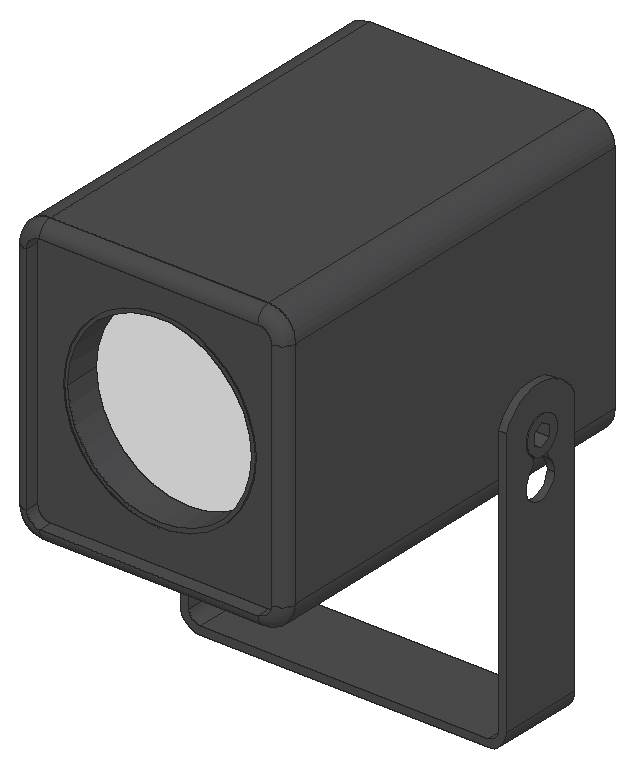
Revit family "Thorn Caelon S7i", category Lighting Fixtures, host Face, Revit 2023
Family settings
  Host = Face
  Round Connector Dimension = Use Diameter
  Part Type = Normal
  Cut with Voids When Loaded = No
  Light Source = No
  Maintain Annotation Orientation = No
  Shared = No
  Room Calculation Point = No
Parameters (values of type "CAELON S7I 700-827 F BK 66 HF")
  Wattage = 11.1 VA
  URL = "https://www.thornlighting.com/21035848"
  Type Light Source = Thorn-Light Sources-CAELON S7i : CAELON S7I 700-827 F BK 66 HF_photometric_data
  Type Image = TLG_CAEL_F_S7i_BK.jpg
  Type IFC Predefined Type = "DIRECTIONSOURCE"
  Type Housing White = Thorn-Parts-CAELON-Housing-S7i : White
  Type Housing Black = Thorn-Parts-CAELON-Housing-S7i : Black
  Type Housing = if(Housing Finish Black, Type Housing Black, if(Housing Finish White, Type Housing White, Type Housing Black))  # Thorn-Parts-CAELON-Housing-S7i : Black
  Type Bracket White = Thorn-Parts-CAELON-Bracket-S7x : White
  Type Bracket Black = Thorn-Parts-CAELON-Bracket-S7x : Black
  Type Bracket = if(Housing Finish Black, Type Bracket Black, if(Housing Finish White, Type Bracket White, Type Bracket Black))  # Thorn-Parts-CAELON-Bracket-S7x : Black
  Tilt Angle [instance] = 0.00°
  Power Factor = 1
  Optic = "Far"
  Model = "21035848"
  Luminaire Width = 86 mm  # constant formula
  Luminaire Length = 107.5 mm  # constant formula
  Luminaire Height = 127.02 mm  # constant formula
  Lamp = "LED"  # constant formula
  Housing Finish Black = yes
  Export Type to IFC As = "IfcLightFixtureType"
  Description = "Outdoor flood and spotlight luminaires"  # constant formula
  Assembly Code = "Pr_70_70_48_75"
  Apparent Load = 20 VA
  Angle real [instance] = Tilt Angle + 90.00°  # 90.00°
  Manufacturer = "Thorn Lighting"  # constant formula
  Housing Finish White = no
  Default Elevation = 0 mm  # constant formula
  Angle [instance] = if(Angle real < 60.00°, 60.00°, if(Angle real > 270.00°, 270.00°, Angle real))  # 90.00°
Types (24, lengths in mm): name | URL | Type Light Source | Type Image | Type Housing | Type Bracket | Optic | Model | Housing Finish Black | Housing Finish White
  CAELON S7I 700-827 F BK 66 HF | "https://www.thornlighting.com/21035848" | Thorn-Light Sources-CAELON S7i : CAELON S7I 700-827 F BK 66 HF_photometric_data | TLG_CAEL_F_S7i_BK.jpg | Thorn-Parts-CAELON-Housing-S7i : Black | Thorn-Parts-CAELON-Bracket-S7x : Black | "Far" | "21035848" | yes | no
  CAELON S7I 700-827 F WH 66 HF | "https://www.thornlighting.com/21035849" | Thorn-Light Sources-CAELON S7i : CAELON S7I 700-827 F WH 66 HF_photometric_data | TLG_CAEL_F_S7i_WH.jpg | Thorn-Parts-CAELON-Housing-S7i : White | Thorn-Parts-CAELON-Bracket-S7x : White | "Far" | "21035849" | no | yes
  CAELON S7I 700-827 M BK 66 HF | "https://www.thornlighting.com/21035846" | Thorn-Light Sources-CAELON S7i : CAELON S7I 700-827 M BK 66 HF_photometric_data | TLG_CAEL_F_S7i_BK.jpg | Thorn-Parts-CAELON-Housing-S7i : Black | Thorn-Parts-CAELON-Bracket-S7x : Black | "Medium" | "21035846" | yes | no
  CAELON S7I 700-827 M WH 66 HF | "https://www.thornlighting.com/21035847" | Thorn-Light Sources-CAELON S7i : CAELON S7I 700-827 M WH 66 HF_photometric_data | TLG_CAEL_F_S7i_WH.jpg | Thorn-Parts-CAELON-Housing-S7i : White | Thorn-Parts-CAELON-Bracket-S7x : White | "Medium" | "21035847" | no | yes
  CAELON S7I 700-827 N BK 66 HF | "https://www.thornlighting.com/21035844" | Thorn-Light Sources-CAELON S7i : CAELON S7I 700-827 N BK 66 HF_photometric_data | TLG_CAEL_F_S7i_BK.jpg | Thorn-Parts-CAELON-Housing-S7i : Black | Thorn-Parts-CAELON-Bracket-S7x : Black | "Narrow" | "21035844" | yes | no
  CAELON S7I 700-827 N WH 66 HF | "https://www.thornlighting.com/21035845" | Thorn-Light Sources-CAELON S7i : CAELON S7I 700-827 N WH 66 HF_photometric_data | TLG_CAEL_F_S7i_WH.jpg | Thorn-Parts-CAELON-Housing-S7i : White | Thorn-Parts-CAELON-Bracket-S7x : White | "Narrow" | "21035845" | no | yes
  CAELON S7I 700-827 SN BK 66 HF | "https://www.thornlighting.com/21035842" | Thorn-Light Sources-CAELON S7i : CAELON S7I 700-827 SN BK 66 HF_photometric_data | TLG_CAEL_F_S7i_BK.jpg | Thorn-Parts-CAELON-Housing-S7i : Black | Thorn-Parts-CAELON-Bracket-S7x : Black | "Super Narrow" | "21035842" | yes | no
  CAELON S7I 700-827 SN WH 66 HF | "https://www.thornlighting.com/21035843" | Thorn-Light Sources-CAELON S7i : CAELON S7I 700-827 SN WH 66 HF_photometric_data | TLG_CAEL_F_S7i_WH.jpg | Thorn-Parts-CAELON-Housing-S7i : White | Thorn-Parts-CAELON-Bracket-S7x : White | "Super Narrow" | "21035843" | no | yes
  CAELON S7I 700-830 F BK 66 HF | "https://www.thornlighting.com/21035856" | Thorn-Light Sources-CAELON S7i : CAELON S7I 700-830 F BK 66 HF_photometric_data | TLG_CAEL_F_S7i_BK.jpg | Thorn-Parts-CAELON-Housing-S7i : Black | Thorn-Parts-CAELON-Bracket-S7x : Black | "Far" | "21035856" | yes | no
  CAELON S7I 700-830 F WH 66 HF | "https://www.thornlighting.com/21035857" | Thorn-Light Sources-CAELON S7i : CAELON S7I 700-830 F WH 66 HF_photometric_data | TLG_CAEL_F_S7i_WH.jpg | Thorn-Parts-CAELON-Housing-S7i : White | Thorn-Parts-CAELON-Bracket-S7x : White | "Far" | "21035857" | no | yes
  CAELON S7I 700-830 M BK 66 HF | "https://www.thornlighting.com/21035854" | Thorn-Light Sources-CAELON S7i : CAELON S7I 700-830 M BK 66 HF_photometric_data | TLG_CAEL_F_S7i_BK.jpg | Thorn-Parts-CAELON-Housing-S7i : Black | Thorn-Parts-CAELON-Bracket-S7x : Black | "Medium" | "21035854" | yes | no
  CAELON S7I 700-830 M WH 66 HF | "https://www.thornlighting.com/21035855" | Thorn-Light Sources-CAELON S7i : CAELON S7I 700-830 M WH 66 HF_photometric_data | TLG_CAEL_F_S7i_WH.jpg | Thorn-Parts-CAELON-Housing-S7i : White | Thorn-Parts-CAELON-Bracket-S7x : White | "Medium" | "21035855" | no | yes
  CAELON S7I 700-830 N BK 66 HF | "https://www.thornlighting.com/21035852" | Thorn-Light Sources-CAELON S7i : CAELON S7I 700-830 N BK 66 HF_photometric_data | TLG_CAEL_F_S7i_BK.jpg | Thorn-Parts-CAELON-Housing-S7i : Black | Thorn-Parts-CAELON-Bracket-S7x : Black | "Narrow" | "21035852" | yes | no
  CAELON S7I 700-830 N WH 66 HF | "https://www.thornlighting.com/21035853" | Thorn-Light Sources-CAELON S7i : CAELON S7I 700-830 N WH 66 HF_photometric_data | TLG_CAEL_F_S7i_WH.jpg | Thorn-Parts-CAELON-Housing-S7i : White | Thorn-Parts-CAELON-Bracket-S7x : White | "Narrow" | "21035853" | no | yes
  CAELON S7I 700-830 SN BK 66 HF | "https://www.thornlighting.com/21035850" | Thorn-Light Sources-CAELON S7i : CAELON S7I 700-830 SN BK 66 HF_photometric_data | TLG_CAEL_F_S7i_BK.jpg | Thorn-Parts-CAELON-Housing-S7i : Black | Thorn-Parts-CAELON-Bracket-S7x : Black | "Super Narrow" | "21035850" | yes | no
  CAELON S7I 700-830 SN WH 66 HF | "https://www.thornlighting.com/21035851" | Thorn-Light Sources-CAELON S7i : CAELON S7I 700-830 SN WH 66 HF_photometric_data | TLG_CAEL_F_S7i_WH.jpg | Thorn-Parts-CAELON-Housing-S7i : White | Thorn-Parts-CAELON-Bracket-S7x : White | "Super Narrow" | "21035851" | no | yes
  CAELON S7I 700-840 F BK 66 HF | "https://www.thornlighting.com/21035864" | Thorn-Light Sources-CAELON S7i : CAELON S7I 700-840 F BK 66 HF_photometric_data | TLG_CAEL_F_S7i_BK.jpg | Thorn-Parts-CAELON-Housing-S7i : Black | Thorn-Parts-CAELON-Bracket-S7x : Black | "Far" | "21035864" | yes | no
  CAELON S7I 700-840 F WH 66 HF | "https://www.thornlighting.com/21035865" | Thorn-Light Sources-CAELON S7i : CAELON S7I 700-840 F WH 66 HF_photometric_data | TLG_CAEL_F_S7i_WH.jpg | Thorn-Parts-CAELON-Housing-S7i : White | Thorn-Parts-CAELON-Bracket-S7x : White | "Far" | "21035865" | no | yes
  CAELON S7I 700-840 M BK 66 HF | "https://www.thornlighting.com/21035862" | Thorn-Light Sources-CAELON S7i : CAELON S7I 700-840 M BK 66 HF_photometric_data | TLG_CAEL_F_S7i_BK.jpg | Thorn-Parts-CAELON-Housing-S7i : Black | Thorn-Parts-CAELON-Bracket-S7x : Black | "Medium" | "21035862" | yes | no
  CAELON S7I 700-840 M WH 66 HF | "https://www.thornlighting.com/21035863" | Thorn-Light Sources-CAELON S7i : CAELON S7I 700-840 M WH 66 HF_photometric_data | TLG_CAEL_F_S7i_WH.jpg | Thorn-Parts-CAELON-Housing-S7i : White | Thorn-Parts-CAELON-Bracket-S7x : White | "Medium" | "21035863" | no | yes
  CAELON S7I 700-840 N BK 66 HF | "https://www.thornlighting.com/21035860" | Thorn-Light Sources-CAELON S7i : CAELON S7I 700-840 N BK 66 HF_photometric_data | TLG_CAEL_F_S7i_BK.jpg | Thorn-Parts-CAELON-Housing-S7i : Black | Thorn-Parts-CAELON-Bracket-S7x : Black | "Narrow" | "21035860" | yes | no
  CAELON S7I 700-840 N WH 66 HF | "https://www.thornlighting.com/21035861" | Thorn-Light Sources-CAELON S7i : CAELON S7I 700-840 N WH 66 HF_photometric_data | TLG_CAEL_F_S7i_WH.jpg | Thorn-Parts-CAELON-Housing-S7i : White | Thorn-Parts-CAELON-Bracket-S7x : White | "Narrow" | "21035861" | no | yes
  CAELON S7I 700-840 SN BK 66 HF | "https://www.thornlighting.com/21035858" | Thorn-Light Sources-CAELON S7i : CAELON S7I 700-840 SN BK 66 HF_photometric_data | TLG_CAEL_F_S7i_BK.jpg | Thorn-Parts-CAELON-Housing-S7i : Black | Thorn-Parts-CAELON-Bracket-S7x : Black | "Super Narrow" | "21035858" | yes | no
  CAELON S7I 700-840 SN WH 66 HF | "https://www.thornlighting.com/21035859" | Thorn-Light Sources-CAELON S7i : CAELON S7I 700-840 SN WH 66 HF_photometric_data | TLG_CAEL_F_S7i_WH.jpg | Thorn-Parts-CAELON-Housing-S7i : White | Thorn-Parts-CAELON-Bracket-S7x : White | "Super Narrow" | "21035859" | no | yes
Reference planes
  plane 1 "Center (Front/Back)": y = 0
  plane 2: z = 0
  plane 3 "Center (Left/Right)": x = 0
  plane 4: x = 43
  plane 5: x = -43
  plane 6: y = 0
Lines and regions (mm)
  reference lines
    curve 1: line (0, 0, -54.956) -> (0, 0, 70.044)
    curve 2: line (0, 0, 70.044) -> (0, -600, 70.044)
  model lines, style "InvisibleLines"
    curve 3: line (-250, 0, 0) -> (250, 0, 0)
Dimensions and locks
  equal spacing: plane 5, plane 3 "Center (Left/Right)", plane 4
  "Luminaire Width": plane 5 to plane 4
  "Angle": angle plane 1 "Center (Front/Back)" to curve 2
  aligned and locked: plane 2 to host face
  aligned and locked: level to host face
  aligned and locked: plane 6 to curve 3
Automatic sketch dimensions
  host sketch curve to host sketch curve = 2438.4 mm  (x2)
  plane 5 to curve 3 = 207 mm
  curve 3 to plane 5 = 293 mm
  curve 1 to plane 1 "Center (Front/Back)" = 0 mm
  level to curve 2 = 70.044 mm
  curve 1 to level = 54.956 mm
Nested families
  nested 1: "Thorn-Parts-CAELON-Housing-S7i" at (0, -9, 42.016) x (0, 1, 0) z (0, 0, 1), type <- "Type Housing", type "Black"
  nested 2: "Thorn-Parts-CAELON-Bracket-S7x" at (0, -11, 0) x (0, 1, 0) z (0, 0, 1), type <- "Type Bracket", type "Black"
  nested 3: "Thorn-Light Sources-CAELON S7i" at (0, -62.72, 89.515) x (0, 0, -1) z (0, 1, 0), type <- "Type Light Source", type "CAELON S7I 700-827 F BK 66 HF_photometric_data"
Connectors
  electrical at (0, 0, 0), driven by "Apparent Load", driven by "Power Factor"
    settings: index 1, voltage 220 V, apparent load 20 VA, apparent load phase1 0 VA, apparent load phase2 0 VA, apparent load phase3 0 VA, power factor 1, load classification "Lighting", number of poles 1, system type 30, power factor state 1, is connector primary yes, connector utility no, sub classification motor no, connector description ""
Definition of nested family "Thorn-Parts-CAELON-Housing-S7i"
  Parameters (values of type "White")
    Material Housing Plastic = none
    Housing [instance] = yes
    Material Housing = none
    Manufacturer = "Thorn Lighting"  # constant formula
    Default Elevation = 1219.2 mm
    C = 75 mm  # constant formula
    B = 75 mm  # constant formula
    A = 111 mm  # constant formula
  Types (2): name
    White
    Black
  Reference planes
    plane 1 "Center (Front/Back)": y = 0
    plane 2: z = 0
    plane 3 "Center (Left/Right)": x = 0
    plane 4: x = -69
    plane 5: x = 42
    plane 6: z = 85
    plane 7: z = 10
    plane 8: y = 35.5
    plane 9: y = -35.5
    plane 10: x = -62
    plane 11: z = 12.5
    plane 12: y = 17.054
    plane 13: y = -17.054
    plane 14: x = 21
  Forms (mm)
    Extrusion 1, solid, material <- "Material Housing"
      sketch origin (0, 0, 0) x (0, 1, 0) y (0, 0, 1)
        loop
          line (28.5, 85) -> (-28.5, 85)
          arc (-28.5, 85) -> (-33.45, 82.95) -> (-35.5, 78) r 7
          line (-35.5, 78) -> (-35.5, 17)
          arc (-35.5, 17) -> (-33.45, 12.05) -> (-28.5, 10) r 7
          line (-28.5, 10) -> (28.5, 10)
          arc (28.5, 10) -> (33.45, 12.05) -> (35.5, 17) r 7
          line (35.5, 17) -> (35.5, 78)
          arc (35.5, 78) -> (33.45, 82.95) -> (28.5, 85) r 7
        loop
          line (34.1, 17) -> (34.1, 78)
          arc (34.1, 78) -> (32.46, 81.96) -> (28.5, 83.6) r 5.6
          line (28.5, 83.6) -> (-28.5, 83.6)
          arc (-28.5, 83.6) -> (-32.46, 81.96) -> (-34.1, 78) r 5.6
          line (-34.1, 78) -> (-34.1, 17)
          arc (-34.1, 17) -> (-32.46, 13.04) -> (-28.5, 11.4) r 5.6
          line (-28.5, 11.4) -> (28.5, 11.4)
          arc (28.5, 11.4) -> (32.46, 13.04) -> (34.1, 17) r 5.6
      from -62 to 42
    Sweep 2, solid, material <- "Material Housing"
      path origin (-62, -1524, 199.794) x (0, 0, 1) y (0, -1, 0)
        loop
          line (-114.794, -1552.5) -> (-114.794, -1495.5)
          arc (-114.794, -1495.5) -> (-116.844, -1490.55) -> (-121.794, -1488.5) r 7
          line (-121.794, -1488.5) -> (-182.794, -1488.5)
          arc (-182.794, -1488.5) -> (-187.744, -1490.55) -> (-189.794, -1495.5) r 7
          line (-189.794, -1495.5) -> (-189.794, -1552.5)
          arc (-189.794, -1552.5) -> (-187.744, -1557.45) -> (-182.794, -1559.5) r 7
          line (-182.794, -1559.5) -> (-121.794, -1559.5)
          arc (-121.794, -1559.5) -> (-116.844, -1557.45) -> (-114.794, -1552.5) r 7
      profile origin (-62, 0, 85) x (0, 0, -1) y (1, 0, 0)
        loop
          line (3.5, 0) -> (0, 0)
          arc (0, 0) -> (1.025, -2.475) -> (3.5, -3.5) r 3.5
          line (3.5, -3.5) -> (3.5, 0)
    Extrusion 3, solid, material <- "Material Housing"
      sketch origin (42, 889.358, 1200) x (0, 1, 0) y (0, 0, -1)
        loop
          arc (-855.258, 1183) -> (-856.899, 1186.96) -> (-860.858, 1188.6) r 5.6
          line (-860.858, 1188.6) -> (-917.858, 1188.6)
          arc (-917.858, 1188.6) -> (-921.818, 1186.96) -> (-923.458, 1183) r 5.6
          line (-923.458, 1183) -> (-923.458, 1122)
          arc (-923.458, 1122) -> (-921.818, 1118.04) -> (-917.858, 1116.4) r 5.6
          line (-917.858, 1116.4) -> (-860.858, 1116.4)
          arc (-860.858, 1116.4) -> (-856.899, 1118.04) -> (-855.258, 1122) r 5.6
          line (-855.258, 1122) -> (-855.258, 1183)
      from 0 to 4
    Extrusion 4, solid
      sketch origin (-69, 889.358, 1234.999) x (0, 1, 0) y (0, 0, 1)
        loop
          circle (-889.358, -1187.5) r 25
        loop
          circle (-889.358, -1187.5) r 24
      from 7 to 16.28
    Extrusion 5, solid
      sketch origin (-144.72, 889.358, 1234.999) x (0, 1, 0) y (0, 0, 1)
        loop
          circle (-889.358, -1187.5) r 24
      from 92 to 101.28
    Extrusion 6, void
      sketch origin (0, 899.918, 10) x (-1, 0, 0) y (0, -1, 0)
        loop
          line (-16.235, 924.018) -> (-37.842, 924.018) -> (-37.842, 875.818) -> (-16.235, 875.818) -> (-16.235, 899.918) -> (-16.235, 924.018)
      from 10 to -5.206
    Extrusion 7, solid, material <- "Material Housing"
      sketch origin (0, 899.918, 10) x (-1, 0, 0) y (0, -1, 0)
        loop
          line (2, 899.918) -> (2, 931.918) -> (-38, 931.918) -> (-38, 867.918) -> (2, 867.918) -> (2, 899.918)
      from -12 to -6
    Extrusion 8, solid
      sketch origin (-69, 926.358, 1260) x (0, 1, 0) y (0, 0, 1)
        loop
          circle (-926.358, -1212.501) r 25
        loop
          arc (-954.858, -1178.5) -> (-957.333, -1179.525) -> (-958.358, -1182) r 3.5
          line (-958.358, -1182) -> (-958.358, -1243)
          arc (-958.358, -1243) -> (-957.333, -1245.475) -> (-954.858, -1246.5) r 3.5
          line (-954.858, -1246.5) -> (-897.858, -1246.5)
          arc (-897.858, -1246.5) -> (-895.384, -1245.475) -> (-894.358, -1243) r 3.5
          line (-894.358, -1243) -> (-894.358, -1182)
          arc (-894.358, -1182) -> (-895.384, -1179.525) -> (-897.858, -1178.5) r 3.5
          line (-897.858, -1178.5) -> (-954.858, -1178.5)
      from 7 to 10.243
    Extrusion 9, solid, material <- "Material Housing"
      sketch origin (0, 0, 0) x (1, 0, 0) y (0, 1, 0)
        loop
          line (37.842, -24.1) -> (16.235, -24.1) -> (16.235, 24.1) -> (37.842, 24.1) -> (37.842, 26.6) -> (13.735, 26.6) -> (13.735, -26.6) -> (37.842, -26.6) -> (37.842, -24.1)
      from 11.4 to 16
    Revolve 10, solid, material <- "Material Housing Plastic"
      sketch origin (27.118, -1457.896, 41.972) x (0, 0, 1) y (0, -1, 0)
        loop
          line (-38.322, -1467.446) -> (-38.322, -1463.446)
          arc (-38.322, -1463.446) -> (-41.15, -1464.617) -> (-42.322, -1467.446) r 4
          line (-42.322, -1467.446) -> (-38.322, -1467.446)
        loop
          line (-28.972, -1469.946) -> (-28.972, -1464.946) -> (-34.322, -1464.946) -> (-34.322, -1469.946) -> (-28.972, -1469.946)
        axis (-28.972, -1469.946) -> (-42.322, -1469.946)
      angle from 0 to 360
    Extrusion 11, solid, material <- "Material Housing Plastic"
      sketch origin (6.118, 66.104, 70.65) x (1, 0, 0) y (0, 1, 0)
        loop
          line (17.536, -48.054) -> (14.072, -54.054) -> (17.536, -60.054) -> (24.464, -60.054) -> (27.928, -54.054) -> (24.464, -48.054) -> (17.536, -48.054)
      from -67 to -63
    Extrusion 12, solid, material <- "Material Housing Plastic"
      sketch origin (6.118, 66.104, 77.5) x (1, 0, 0) y (0, 1, 0)
        loop
          line (17.536, -48.054) -> (14.072, -54.054) -> (17.536, -60.054) -> (24.464, -60.054) -> (27.928, -54.054) -> (24.464, -48.054) -> (17.536, -48.054)
      from -64.5 to -61.5
    Revolve 13, solid, material <- "Material Housing Plastic"
      sketch origin (27.118, -1481.996, 41.972) x (0, 0, 1) y (0, -1, 0)
        loop
          line (-28.972, -1469.946) -> (-28.972, -1464.946) -> (-34.322, -1464.946) -> (-34.322, -1469.946) -> (-28.972, -1469.946)
        axis (-28.972, -1469.946) -> (-34.322, -1469.946)
      angle from 0 to 360
    Extrusion 14, solid, material <- "Material Housing Plastic"
      sketch origin (6.118, 42.004, 70.65) x (1, 0, 0) y (0, 1, 0)
        loop
          line (17.536, -48.054) -> (14.072, -54.054) -> (17.536, -60.054) -> (24.464, -60.054) -> (27.928, -54.054) -> (24.464, -48.054) -> (17.536, -48.054)
      from -67 to -63
    Extrusion 15, solid, material <- "Material Housing Plastic"
      sketch origin (6.118, 42.004, 77.5) x (1, 0, 0) y (0, 1, 0)
        loop
          line (17.536, -48.054) -> (14.072, -54.054) -> (17.536, -60.054) -> (24.464, -60.054) -> (27.928, -54.054) -> (24.464, -48.054) -> (17.536, -48.054)
      from -64.5 to -61.5
    Extrusion 16, solid, material <- "Material Housing"
      sketch origin (-18, 0, 0) x (1, 0, 0) y (0, 0, 1)
        loop
          circle (27, 28.03) r 4.83
        loop
          line (27, 31.03) -> (24.402, 29.53) -> (24.402, 26.53) -> (27, 25.03) -> (29.598, 26.53) -> (29.598, 29.53) -> (27, 31.03)
      from -43 to 43
    Extrusion 17, void
      sketch origin (-18, 0, 0) x (1, 0, 0) y (0, 0, 1)
        loop
          circle (27, 28.03) r 4.83
        loop
          line (27, 31.03) -> (24.402, 29.53) -> (24.402, 26.53) -> (27, 25.03) -> (29.598, 26.53) -> (29.598, 29.53) -> (27, 31.03)
      from -45 to 45
  Cuts and joins
    Extrusion 6, Extrusion 17 cuts Extrusion 1
    Extrusion 6 cuts Extrusion 7
  Lines and regions (mm)
    model lines
      curve 1: line (-52.72, -10, 47.499) -> (-52.72, 10, 47.499)
      curve 2: line (-52.72, 0, 57.499) -> (-52.72, 0, 37.499)
  Dimensions and locks
    "A": plane 4 to plane 5
    locked: plane 5 to plane 3 "Center (Left/Right)" at 42
    "C": plane 7 to plane 6
    locked: plane 10 to plane 4 at 7
    plane 11 to level = 12.5 mm
    plane 5 to plane 14 = 21 mm
    cut or joined group of Extrusion 1, Extrusion 6, Extrusion 17 to plane 1 "Center (Front/Back)" = 24.1 mm
    cut or joined group of Extrusion 1, Extrusion 6, Extrusion 17 to cut or joined group of Extrusion 1, Extrusion 6, Extrusion 17 = 48.2 mm
    aligned and locked: level to plane 2
    aligned and locked: plane 6 to Extrusion 1 sketch curve
    aligned and locked: plane 7 to Extrusion 1 sketch curve
    aligned and locked: Extrusion 1 sketch curve to plane 8
    aligned and locked: plane 9 to Extrusion 1 sketch curve
    aligned and locked: Extrusion 1 to plane 10
    aligned and locked: cut or joined group of Extrusion 6, Extrusion 7 to Extrusion 9
  Automatic sketch dimensions
    Extrusion 1 sketch curve to Extrusion 1 sketch curve = 0 mm  (x8)
    Extrusion 1 sketch curve to Extrusion 1 sketch curve = 1.4 mm
    plane 9 to Extrusion 1 sketch curve = 7 mm
    plane 11 to Extrusion 1 sketch curve = 4.5 mm  (x2)
    Extrusion 1 sketch curve to Extrusion 1 sketch curve = 5.6 mm
    plane 7 to Sweep 2 sketch curve = 0 mm
    Sweep 2 sketch curve to plane 9 = 0 mm
    Sweep 2 sketch curve to plane 8 = 0 mm
    Sweep 2 sketch curve to plane 6 = 0 mm
    plane 11 to Sweep 2 sketch curve = 4.5 mm  (x2)
    Sweep 2 sketch curve to plane 6 = 7 mm  (x2)
    Sweep 2 sketch curve to plane 10 = 0 mm
    Sweep 2 sketch curve to profile plane = 0 mm
    Sweep 2 sketch curve to profile plane = 3.5 mm
    Extrusion 3 sketch curve to plane 9 = 1.4 mm
    plane 11 to Extrusion 3 sketch curve = 1.1 mm
    Extrusion 3 sketch curve to plane 9 = 7 mm  (x2)
    plane 6 to Extrusion 3 sketch curve = 1.4 mm
    plane 8 to Extrusion 3 sketch curve = 7 mm  (x2)
    Extrusion 3 sketch curve to plane 11 = 4.5 mm
    Extrusion 4 sketch curve to Extrusion 4 sketch curve = 0 mm  (x12)
    Extrusion 4 sketch curve to plane 1 "Center (Front/Back)" = 0 mm
    plane 11 to Extrusion 4 sketch curve = 34.999 mm
    Extrusion 4 sketch curve to plane 13 = 6.946 mm
    Extrusion 4 sketch curve to Extrusion 4 sketch curve = 1 mm
    Extrusion 5 sketch curve to plane 1 "Center (Front/Back)" = 0 mm
    plane 11 to Extrusion 5 sketch curve = 34.999 mm
    plane 1 "Center (Front/Back)" to Extrusion 6 sketch curve = 0 mm
    Extrusion 6 sketch curve to plane 5 = 4.158 mm
    plane 14 to Extrusion 6 sketch curve = 4.765 mm
    plane 13 to Extrusion 6 sketch curve = 7.046 mm
    plane 12 to Extrusion 6 sketch curve = 7.046 mm
    plane 1 "Center (Front/Back)" to Extrusion 7 sketch curve = 0 mm
    Extrusion 7 sketch curve to plane 5 = 4 mm
    plane 3 "Center (Left/Right)" to Extrusion 7 sketch curve = 2 mm
    Extrusion 7 sketch curve to plane 9 = 3.5 mm
    plane 8 to Extrusion 7 sketch curve = 3.5 mm
    curve 1 to curve 2 = 10 mm  (x2)
    curve 2 to curve 1 = 10 mm  (x2)
    Extrusion 8 sketch curve to plane 1 "Center (Front/Back)" = 0 mm
    plane 11 to Extrusion 8 sketch curve = 4.5 mm
    plane 9 to Extrusion 8 sketch curve = 7 mm  (x2)
    Extrusion 8 sketch curve to plane 6 = 3.5 mm
    plane 9 to Extrusion 8 sketch curve = 3.5 mm
    Extrusion 8 sketch curve to plane 8 = 7 mm  (x2)
    Extrusion 8 sketch curve to plane 8 = 3.5 mm
    plane 11 to Extrusion 8 sketch curve = 34.999 mm
    Extrusion 9 sketch curve to plane 14 = 7.265 mm
    Extrusion 9 sketch curve to Extrusion 9 sketch curve = 2.5 mm  (x3)
    plane 5 to Extrusion 9 sketch curve = 4.158 mm  (x2)
    plane 9 to Extrusion 9 sketch curve = 8.9 mm
    Extrusion 9 sketch curve to plane 12 = 7.046 mm
    Revolve 10 sketch curve to level = 0.35 mm
    level to Revolve 10 sketch curve = 3.65 mm
    plane 7 to Revolve 10 sketch curve = 2.35 mm
    plane 11 to Revolve 10 sketch curve = 0.5 mm
    plane 12 to Revolve 10 sketch curve = 5.005 mm  (x2)
    Revolve 10 sketch curve to Revolve 10 sketch curve = 2.5 mm
    Revolve 10 sketch curve to Revolve 10 sketch curve = 1.5 mm
    Revolve 10 sketch curve to Revolve 10 sketch curve = 11.5 mm
    plane 6 to Revolve 10 sketch curve = 38.787 mm
    Extrusion 11 sketch curve to plane 14 = 0.81 mm
    Extrusion 11 sketch curve to plane 12 = 0.995 mm
    plane 14 to Extrusion 11 sketch curve = 2.654 mm  (x2)
    Extrusion 11 sketch curve to Extrusion 11 sketch curve = 6.928 mm  (x2)
    Extrusion 11 sketch curve to Extrusion 11 sketch curve = 3.464 mm
    plane 12 to Extrusion 11 sketch curve = 5.005 mm  (x2)
    Extrusion 11 sketch curve to plane 1 "Center (Front/Back)" = 6.05 mm
    Extrusion 12 sketch curve to plane 14 = 0.81 mm
    Extrusion 12 sketch curve to plane 12 = 0.995 mm
    plane 14 to Extrusion 12 sketch curve = 2.654 mm  (x2)
    Extrusion 12 sketch curve to Extrusion 12 sketch curve = 6.928 mm  (x2)
    Extrusion 12 sketch curve to Extrusion 12 sketch curve = 3.464 mm
    plane 12 to Extrusion 12 sketch curve = 5.005 mm  (x2)
    Extrusion 12 sketch curve to plane 1 "Center (Front/Back)" = 6.05 mm
    plane 13 to Revolve 13 sketch curve = 0.004 mm
    plane 7 to Revolve 13 sketch curve = 2.35 mm
    plane 11 to Revolve 13 sketch curve = 0.5 mm
    Revolve 13 sketch curve to Revolve 13 sketch curve = 5 mm
    plane 13 to Revolve 13 sketch curve = 5.004 mm
    plane 6 to Revolve 13 sketch curve = 38.787 mm
    Extrusion 14 sketch curve to plane 14 = 0.81 mm
    plane 14 to Extrusion 14 sketch curve = 2.654 mm  (x2)
    Extrusion 14 sketch curve to plane 13 = 0.996 mm
    Extrusion 14 sketch curve to Extrusion 14 sketch curve = 6.928 mm  (x2)
    Extrusion 14 sketch curve to Extrusion 14 sketch curve = 3.464 mm
    plane 13 to Extrusion 14 sketch curve = 5.004 mm  (x2)
    plane 1 "Center (Front/Back)" to Extrusion 14 sketch curve = 6.05 mm
    Extrusion 15 sketch curve to plane 14 = 0.81 mm
    plane 14 to Extrusion 15 sketch curve = 2.654 mm  (x2)
    Extrusion 15 sketch curve to plane 13 = 0.996 mm
    Extrusion 15 sketch curve to Extrusion 15 sketch curve = 6.928 mm  (x2)
    Extrusion 15 sketch curve to Extrusion 15 sketch curve = 3.464 mm
    plane 13 to Extrusion 15 sketch curve = 5.004 mm  (x2)
    plane 1 "Center (Front/Back)" to Extrusion 15 sketch curve = 6.05 mm
    Extrusion 17 sketch curve to Extrusion 17 sketch curve = 1.5 mm  (x2)
    Revolve 13 sketch curve to level = 11.85 mm
    Extrusion 16 sketch curve to plane 14 = 14.598 mm
    Extrusion 16 sketch curve to Extrusion 16 sketch curve = 2.598 mm  (x3)
    Extrusion 16 sketch curve to Extrusion 16 sketch curve = 0 mm
    Extrusion 16 sketch curve to Extrusion 16 sketch curve = 1.5 mm  (x3)
    Extrusion 17 sketch curve to plane 14 = 14.598 mm
    Extrusion 17 sketch curve to Extrusion 17 sketch curve = 2.598 mm  (x4)
    plane 11 to Extrusion 16 sketch curve = 12.53 mm
    Extrusion 16 sketch curve to Extrusion 16 sketch curve = 3 mm  (x3)
    plane 11 to Extrusion 17 sketch curve = 12.53 mm
    Extrusion 17 sketch curve to Extrusion 17 sketch curve = 3 mm  (x4)
    radius of Extrusion 5 sketch curve = 24 mm
    radius of Extrusion 8 sketch curve = 25 mm
    radius of Extrusion 16 sketch curve = 4.83 mm
    radius of Extrusion 17 sketch curve = 4.83 mm
Definition of nested family "Thorn-Parts-CAELON-Bracket-S7x"
  Parameters (values of type "White")
    Material Housing = none
    Manufacturer = "Thorn Lighting"  # constant formula
    Default Elevation = 0 mm  # constant formula
    C = 145 mm  # constant formula
    B = 149 mm  # constant formula
    A = 160 mm  # constant formula
  Types (2): name
    White
    Black
  Reference planes
    plane 1 "Center (Front/Back)": y = 0
    plane 2: z = 0
    plane 3 "Center (Left/Right)": x = 0
    plane 4: x = -118
    plane 5: x = 42
    plane 6: y = 74.5
    plane 7: y = -74.5
    plane 8: z = -60
    plane 9: y = 72.5
    plane 10: y = -72.5
    plane 11: x = -111
    plane 12: z = 12.5
    plane 13: y = 17.054
    plane 14: y = -17.054
    plane 15: x = 22
    plane 16: x = 11
  Forms (mm)
    Extrusion 1, solid, material <- "Material Housing"
      sketch origin (0, 0, 0) x (0, 1, 0) y (0, 0, 1)
        loop
          line (42.499, 5) -> (42.499, 82.109) -> (40.499, 82.109) -> (40.499, 5)
          arc (40.499, 5) -> (39.621, 2.879) -> (37.499, 2) r 3
          line (37.499, 2) -> (-37.502, 2)
          arc (-37.502, 2) -> (-39.623, 2.879) -> (-40.502, 5) r 3
          line (-40.502, 5) -> (-40.502, 82.109) -> (-42.502, 82.109) -> (-42.502, 5)
          arc (-42.502, 5) -> (-41.037, 1.464) -> (-37.502, 0) r 5
          line (-37.502, 0) -> (37.499, 0)
          arc (37.499, 0) -> (41.035, 1.464) -> (42.499, 5) r 5
      from 0 to 22
    Extrusion 2, void
      sketch origin (11, 0, 16.5) x (1, 0, 0) y (0, 0, 1)
        loop
          arc (-12.065, 53.544) -> (0, 65.609) -> (12.065, 53.544) r 12.065
          line (12.065, 53.544) -> (18.701, 53.544) -> (18.701, 68.625) -> (0, 68.625) -> (-18.097, 68.625) -> (-18.097, 53.544) -> (-12.065, 53.544)
        loop
          arc (-4.826, 53.544) -> (-4.35, 51.454) -> (-3.016, 49.777) r 4.826
          arc (-3.016, 49.777) -> (-2.517, 48.115) -> (-3.016, 46.453) r 3.016
          arc (-3.016, 46.453) -> (-4.35, 44.775) -> (-4.826, 42.686) r 4.826
          arc (-4.826, 42.686) -> (0, 37.86) -> (4.826, 42.686) r 4.826
          arc (4.826, 42.686) -> (4.35, 44.775) -> (3.016, 46.453) r 4.826
          arc (3.016, 46.453) -> (2.517, 48.115) -> (3.016, 49.777) r 3.016
          arc (3.016, 49.777) -> (4.35, 51.454) -> (4.826, 53.544) r 4.826
          arc (4.826, 53.544) -> (0, 58.37) -> (-4.826, 53.544) r 4.826
      from -100 to 100
  Cuts and joins
    Extrusion 2 cuts Extrusion 1
  Dimensions and locks
    "A": plane 4 to plane 5
    equal spacing: plane 6, plane 1 "Center (Front/Back)", plane 7
    "B": plane 6 to plane 7
    locked: plane 5 to plane 3 "Center (Left/Right)" at 42
    locked: plane 9 to plane 6 at 2
    locked: plane 10 to plane 7 at 2
    locked: plane 11 to plane 4 at 7
    plane 5 to plane 15 = 20 mm
    aligned and locked: level to plane 2
  Automatic sketch dimensions
    Extrusion 1 sketch curve to Extrusion 1 sketch curve = 0 mm  (x4)
    plane 7 to Extrusion 1 sketch curve = 31.998 mm
    plane 10 to Extrusion 1 sketch curve = 31.998 mm
    Extrusion 1 sketch curve to level = 0 mm
    Extrusion 1 sketch curve to plane 9 = 32.001 mm
    plane 10 to Extrusion 1 sketch curve = 34.998 mm
    Extrusion 1 sketch curve to Extrusion 1 sketch curve = 3 mm
    plane 12 to Extrusion 1 sketch curve = 69.609 mm  (x2)
    Extrusion 2 sketch curve to Extrusion 2 sketch curve = 0 mm  (x18)
    plane 16 to Extrusion 2 sketch curve = 0 mm  (x3)
    plane 3 "Center (Left/Right)" to Extrusion 2 sketch curve = 5.467 mm
    Extrusion 2 sketch curve to plane 3 "Center (Left/Right)" = 1.065 mm
    Extrusion 2 sketch curve to plane 3 "Center (Left/Right)" = 7.097 mm
    Extrusion 2 sketch curve to plane 15 = 5.467 mm
    Extrusion 2 sketch curve to Extrusion 2 sketch curve = 6.636 mm
    plane 12 to Extrusion 2 sketch curve = 46.686 mm
    Extrusion 2 sketch curve to Extrusion 2 sketch curve = 5.429 mm  (x3)
    Extrusion 2 sketch curve to Extrusion 2 sketch curve = 15.081 mm
    Extrusion 2 sketch curve to plane 16 = 3.016 mm  (x2)
    Extrusion 2 sketch curve to Extrusion 2 sketch curve = 1.81 mm
    Extrusion 2 sketch curve to Extrusion 2 sketch curve = 2.517 mm
Definition of nested family "Thorn-Light Sources-CAELON S7i"
  Parameters (values of type "CAELON S7I 700-827 F WH 66 HF_photometric_data")
    Wide flood = no
    Super narrow = yes
    Reflector Direction Line Offset [instance] = 600 mm
    Narrow = no
    Medium = no
    Light Distribution Offset [instance] = 600 mm
    Wattage = 11.1 W
    built-in parameter 1150110 = 1 (stored number, unit not read)
    built-in parameter 1114217 = 1 (stored number, unit not read)
    Tilt Angle = 90.00°  # constant formula
    built-in parameter 1150109 = 1 (stored number, unit not read)
    built-in parameter 1150134 = (empty or 0)
    built-in parameter 1150113 = 1 (stored number, unit not read)
    Power Factor = 1
    Photometric Web File = "21035849_(STD).IES"
    Manufacturer = "Thorn Lighting"  # constant formula
    Lumens = 940 lm
    built-in parameter 1150115 = 1 (stored number, unit not read)
    built-in parameter 1150105 = 91.196 (stored number, unit not read)
    built-in parameter 1150137 = (empty or 0)
    built-in parameter 1150139 = (empty or 0)
    built-in parameter 1150112 = 1 (stored number, unit not read)
    built-in parameter 1150114 = 1 (stored number, unit not read)
    built-in parameter 1150132 = 2
    built-in parameter 1150102 = (empty or 0)
    built-in parameter 1150138 = (empty or 0)
    built-in parameter 1150107 = 2700 (stored number, unit not read)
    built-in parameter 1150106 = 0.91196 (stored number, unit not read)
    Emit from Circle Diameter = 48 mm  # constant formula
    Emit Shape Visible in Rendering = 0 > 1  # no
    built-in parameter 1150104 = 7.8968 (stored number, unit not read)
    Dimming Lamp Color Temperature Shift = (empty or 0)
    Default Elevation = 0 mm  # constant formula
    Color Filter = 16777215
    built-in parameter 1114218 = 1 (stored number, unit not read)
    built-in parameter 1150133 = 10 (stored number, unit not read)
    Apparent Load = 20 VA
  Types (24, lengths in mm): name | Photometric Web File | Lumens | built-in parameter 1150107 | built-in parameter 1150104
    CAELON S7I 700-827 F BK 66 HF_photometric_data | "21035848_(STD).IES" | 940 lm | 2700 (stored number, unit not read) | 7.8968 (stored number, unit not read)
    CAELON S7I 700-827 F WH 66 HF_photometric_data | "21035849_(STD).IES" | 940 lm | 2700 (stored number, unit not read) | 7.8968 (stored number, unit not read)
    CAELON S7I 700-827 M BK 66 HF_photometric_data | "21035846_(STD).IES" | 830 lm | 2700 (stored number, unit not read) | 6.9677 (stored number, unit not read)
    CAELON S7I 700-827 M WH 66 HF_photometric_data | "21035847_(STD).IES" | 830 lm | 2700 (stored number, unit not read) | 6.9677 (stored number, unit not read)
    CAELON S7I 700-827 N BK 66 HF_photometric_data | "21035844_(STD).IES" | 605 lm | 2700 (stored number, unit not read) | 5.1097 (stored number, unit not read)
    CAELON S7I 700-827 N WH 66 HF_photometric_data | "21035845_(STD).IES" | 605 lm | 2700 (stored number, unit not read) | 5.1097 (stored number, unit not read)
    CAELON S7I 700-827 SN BK 66 HF_photometric_data | "21035842_(STD).IES" | 385 lm | 2700 (stored number, unit not read) | 3.2516 (stored number, unit not read)
    CAELON S7I 700-827 SN WH 66 HF_photometric_data | "21035843_(STD).IES" | 385 lm | 2700 (stored number, unit not read) | 3.2516 (stored number, unit not read)
    CAELON S7I 700-830 F BK 66 HF_photometric_data | "21035856_(STD).IES" | 940 lm | 3000 (stored number, unit not read) | 7.8968 (stored number, unit not read)
    CAELON S7I 700-830 F WH 66 HF_photometric_data | "21035857_(STD).IES" | 940 lm | 3000 (stored number, unit not read) | 7.8968 (stored number, unit not read)
    CAELON S7I 700-830 M BK 66 HF_photometric_data | "21035854_(STD).IES" | 840 lm | 3000 (stored number, unit not read) | 7.0606 (stored number, unit not read)
    CAELON S7I 700-830 M WH 66 HF_photometric_data | "21035855_(STD).IES" | 840 lm | 3000 (stored number, unit not read) | 7.0606 (stored number, unit not read)
    CAELON S7I 700-830 N BK 66 HF_photometric_data | "21035852_(STD).IES" | 650 lm | 3000 (stored number, unit not read) | 5.4813 (stored number, unit not read)
    CAELON S7I 700-830 N WH 66 HF_photometric_data | "21035853_(STD).IES" | 650 lm | 3000 (stored number, unit not read) | 5.4813 (stored number, unit not read)
    CAELON S7I 700-830 SN BK 66 HF_photometric_data | "21035850_(STD).IES" | 285 lm | 3000 (stored number, unit not read) | 2.4155 (stored number, unit not read)
    CAELON S7I 700-830 SN WH 66 HF_photometric_data | "21035851_(STD).IES" | 285 lm | 3000 (stored number, unit not read) | 2.4155 (stored number, unit not read)
    CAELON S7I 700-840 F BK 66 HF_photometric_data | "21035864_(STD).IES" | 940 lm | 4000 (stored number, unit not read) | 7.8968 (stored number, unit not read)
    CAELON S7I 700-840 F WH 66 HF_photometric_data | "21035865_(STD).IES" | 940 lm | 4000 (stored number, unit not read) | 7.8968 (stored number, unit not read)
    CAELON S7I 700-840 M BK 66 HF_photometric_data | "21035862_(STD).IES" | 840 lm | 4000 (stored number, unit not read) | 7.0606 (stored number, unit not read)
    CAELON S7I 700-840 M WH 66 HF_photometric_data | "21035863_(STD).IES" | 840 lm | 4000 (stored number, unit not read) | 7.0606 (stored number, unit not read)
    CAELON S7I 700-840 N BK 66 HF_photometric_data | "21035860_(STD).IES" | 700 lm | 4000 (stored number, unit not read) | 5.8529 (stored number, unit not read)
    CAELON S7I 700-840 N WH 66 HF_photometric_data | "21035861_(STD).IES" | 700 lm | 4000 (stored number, unit not read) | 5.8529 (stored number, unit not read)
    CAELON S7I 700-840 SN BK 66 HF_photometric_data | "21035858_(STD).IES" | 285 lm | 4000 (stored number, unit not read) | 2.4155 (stored number, unit not read)
    CAELON S7I 700-840 SN WH 66 HF_photometric_data | "21035859_(STD).IES" | 285 lm | 4000 (stored number, unit not read) | 2.4155 (stored number, unit not read)
  Reference planes
    plane 1 "Light Source Axis (F/B)": y = 0
    plane 2: z = 0
    plane 3 "Light Source Axis (L/R)": x = 0
    plane 4 "Light Source Elevation": z = 0
  Lines and regions (mm)
    model lines
      curve 1: line (0, 0, 0) -> (0, 0, 50)
      curve 2: line (0, 0, 0) -> (0, 10, 0)
      curve 3: line (0, 0, 0) -> (10, 0, 0)
      curve 4: line (0, 0, 0) -> (0, -10, 0)
      curve 5: line (0, 0, 0) -> (-10, 0, 0)
      curve 6: line (0, 0, 0) -> (0, 0, -500)
      curve 7: line (0, 0, -500) -> (0, -47.883, -368.443)
      curve 8: line (0, 0, -500) -> (0, 47.883, -368.443)
  Dimensions and locks
    aligned and locked: plane 4 "Light Source Elevation" to imposter light
    aligned and locked: level to plane 2
    aligned and locked: plane 4 "Light Source Elevation" to plane 2
    aligned and locked: curve 5 to plane 1 "Light Source Axis (F/B)"
    aligned and locked: plane 1 "Light Source Axis (F/B)" to curve 3
    aligned and locked: curve 4 to plane 3 "Light Source Axis (L/R)"
